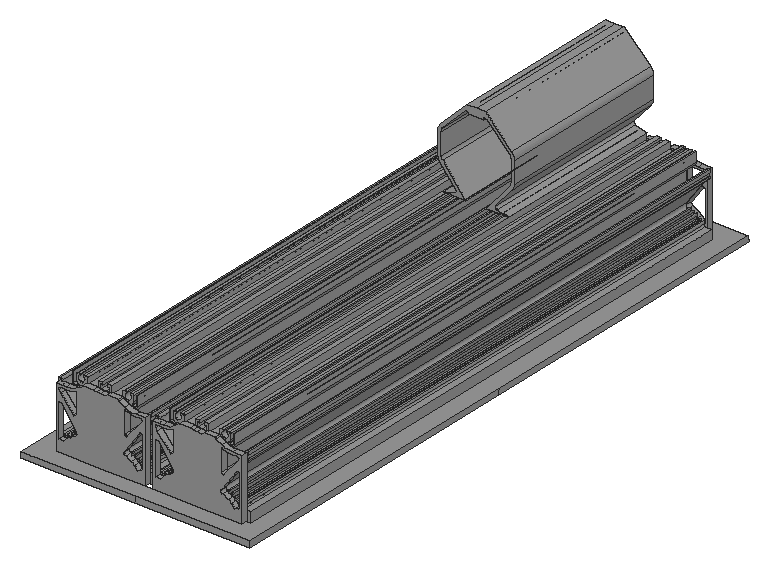
Revit family "L-street 48 Standart", category Осветительные приборы, Revit 2017
Family settings
  Размер круглого соединителя = Использовать диаметр
  Тип детали = Нормальный
  На основе рабочей плоскости = Нет
  Всегда вертикально = Да
  При загрузке вырезать с полостями = Нет
  Источник света = Да
  Общий = Нет
  Точка расчета площади = Нет
Parameters
  Комментарии к типоразмеру = "Уличные"
  Emit from Rectangle Width = 150 mm  # constant formula
  Emit from Rectangle Length = 500 mm  # constant formula
  Изготовитель = "LEDEL"
  Emit Shape Visible in Rendering = no
  built-in parameter 1150104 = 13.8 (stored number, unit not read)
  built-in parameter 1150134 = 12
  Файл фотометрической сетки = "L-street 48-65-LLI3-4.0K-01 Standart.ies"
  Tilt Angle = 90.00°
  built-in parameter 1150137 = (empty or 0)
  built-in parameter 1150132 = 2
  built-in parameter 1150114 = 1 (stored number, unit not read)
  Dimming Lamp Color Temperature Shift = (empty or 0)
  built-in parameter 1150105 = 677.36 (stored number, unit not read)
  Color Filter = 16777215
  Lumens = 8512 lm
  built-in parameter 1150109 = 1 (stored number, unit not read)
  built-in parameter 1150112 = 1 (stored number, unit not read)
  built-in parameter 1150110 = 1 (stored number, unit not read)
  built-in parameter 1150113 = 1 (stored number, unit not read)
  built-in parameter 1150115 = 1 (stored number, unit not read)
  built-in parameter 1114218 = 1 (stored number, unit not read)
  built-in parameter 1114217 = 1 (stored number, unit not read)
  Apparent Load = 65 VA  # constant formula
  built-in parameter 1150106 = 6.7736 (stored number, unit not read)
  built-in parameter 1150142 = "IESNA:LM-63-1995\r\n[TEST]LEDEL\r\n[DATA]28.11.2018\r\n[MANUFAC]LEDEL\r\n[LUMCAT]L-street 48/65/Ш3/4.0К/01 Standart\r\n[LUMINAIRE]Для освещения городских улиц, придомовых территорий, парков и пр\r\n[LAMPCAT]LED\r\n[LAMP]OSRAM OSLON SQUARE\r\nTILT=NONE\r\n \r\n1 8512 8.599 91 37 1 2 0.533 0.164 0.148\r\n1 1 65\r\n\r\n0 1 2 3 4 5 6 7 8 9 10 11 12 13 14 15 16 17 18 19 20 21 22 23 24 25 26 27 28 29 30 31 32 33 34 35 36 37 38 39 40 41 42 43 44 45 46 47 48 49 50 51 52 53 54 55 56 57 58 59 60 61 62 63 64 65 66 67 68 69 70 71 72 73 74 75 76 77 78 79 80 81 82 83 84 85 86 87 88 89 90\r\n0 2.5 5 7.5 10 12.5 15 17.5 20 22.5 25 27.5 30 32.5 35 37.5 40 42.5 45 47.5 50 52.5 55 57.5 60 62.5 65 67.5 70 72.5 75 77.5 80 82.5 85 87.5 90 \r\n\r\n328.9 329.3 330.2 330.9 331.9 333.4 335.1 336.8 338.7 340.8 342.8 345 347.5 350.1 353 356 358.9 361.9 364.8 367.6 370.4 373.1 375.9 378.6 381.2 384 387.3 390.9 395 399.6 404.9 410.7 417.4 425.2 435.2 445.1 453.5 460.4 465.8 471.5 479.7 491.2 504.8 521 539.3 559.8 582 607.2 633.9 663 691.7 721.3 752.1 785.2 818.3 851.9 885.2 917 937 939.3 919 859.4 761.2 644.9 513.6 372.2 249 140.6 80.9 50.5 34.7 24.4 17.8 14.5 12.7 11.4 10.5 9.8 9.1 8.5 8 7.4 7 6.5 6.2 5.9 5.5 4.8 3.2 2.7 2.7\r\n328.9 329 329.5 330 330.7 331.9 333.2 334.6 336.2 338 339.8 341.8 344 346.5 349.2 352.1 354.9 357.8 360.7 363.6 366.4 369.2 372 374.9 377.8 380.7 383.9 387.3 391.1 395.4 400.3 405.6 411.7 418.6 427.2 436.3 444.8 452.4 459 464.7 471.7 481.1 492.7 506.6 522.4 540.2 559.7 581.7 605.8 631.5 658.1 685.9 714.5 745.8 778.3 812.3 846.4 879.2 904.3 916.2 905.6 859.1 774.4 661.5 532.7 402.1 293.1 196.3 120.8 68.8 45.8 31.7 22.8 18 15.4 13.6 12.3 11.3 10.5 9.8 9.1 8.5 7.9 7.3 6.9 6.5 6.1 5.5 4.3 3.3 2.9\r\n328.9 328.8 328.9 329 329.6 330.3 331.2 332.3 333.7 335.2 336.8 338.6 340.6 342.8 345.5 348.2 350.9 353.7 356.6 359.6 362.4 365.3 368.2 371.2 374.4 377.4 380.5 383.6 387.3 391.2 395.6 400.5 406 411.9 419.2 427.5 436 444.3 452.2 457.9 463.7 471 480.7 492.2 505.6 520.6 537.4 556.3 577.6 600 624.5 650.4 677 706.4 738.3 772.8 807.5 841.5 871.5 893.1 892.3 858.7 787.6 678.2 551.8 432 337.2 251.9 160.7 87.2 56.8 39 27.9 21.5 18 15.7 14.1 12.8 12 11.2 10.3 9.6 8.9 8.2 7.6 7.1 6.7 6.3 5.5 4 3.1\r\n328.9 329.4 330.2 331 332 333.4 335 336.7 338.6 340.6 342.6 344.7 347.1 349.6 352.4 355.2 358.1 360.9 363.6 366.2 368.8 371.4 374 376.6 379.2 382 385.3 388.8 392.6 397 402.2 407.8 414.4 421.9 431.2 440.5 448.4 454.9 460.4 466.2 474 484.8 497.7 513 530.2 549.4 569.9 593 617.3 643.5 669.5 695.9 722.8 751.4 780 808.5 835.6 860.9 877.7 881 869.3 832.1 763.8 664.3 532.5 377.6 247 136.9 77.5 48.8 34.8 24 17.1 14.1 12.4 11.1 10.2 9.6 8.9 8.3 7.8 7.2 6.8 6.3 6 5.7 5.4 4.7 3.1 2.7 2.7\r\n328.9 329.4 330.1 331 332.1 333.4 334.9 336.6 338.5 340.4 342.3 344.5 346.7 349.1 351.8 354.5 357.3 359.9 362.4 364.8 367.2 369.6 372.2 374.6 377.3 380.1 383.3 386.6 390.2 394.4 399.4 405 411.4 418.6 427.2 435.9 443.2 449.5 455 460.8 468.3 478.4 490.6 505 521.2 539.1 557.7 578.9 600.7 624.1 647.2 670.6 693.5 717.6 741.7 765.1 785.9 804.8 818.4 822.6 819.6 804.9 766.4 683.8 551.4 383.1 244.9 133.2 74 47.1 34.9 23.6 16.4 13.6 12.1 10.9 10 9.4 8.7 8.1 7.6 7 6.6 6.2 5.8 5.4 5.3 4.5 3 2.6 2.7\r\n328.9 329.4 330.2 331 332 333.3 334.7 336.2 338 339.7 341.5 343.5 345.5 347.8 350.3 353 355.7 358.2 360.7 363 365.4 367.8 370.3 372.8 375.5 378.3 381.5 384.8 388.6 392.8 397.6 403 409.3 416.1 424.2 432.5 439.5 445.4 450.6 455.9 462.5 471.1 481.3 493.2 506.3 520.8 536.2 553.5 571.6 591.3 611.2 631.8 652.8 675.7 698.9 722.2 742.8 761.3 775.1 781.3 780.2 768.4 735.8 659.6 539 387.4 258.5 153.6 86.2 51.2 36.2 25 17.1 13.6 12 10.8 9.8 9.2 8.5 8 7.4 6.9 6.5 6 5.7 5.4 5.1 4.5 3.1 2.7 2.7\r\n328.9 329.4 330.2 330.9 332 333.2 334.5 335.8 337.4 339.1 340.8 342.5 344.4 346.5 348.9 351.5 354.1 356.6 358.9 361.3 363.6 365.9 368.4 371 373.6 376.5 379.6 383.1 387 391.1 395.7 401 407.1 413.6 421.1 429 435.8 441.3 446.2 451 456.7 463.9 472 481.4 491.5 502.6 514.6 528.2 542.5 558.5 575.2 593 612 633.7 656.1 679.2 699.7 717.9 731.8 740 740.8 732 705.1 635.4 526.7 391.7 272.1 174 98.4 55.3 37.6 26.3 17.8 13.6 11.9 10.7 9.7 9 8.3 7.8 7.3 6.8 6.3 5.9 5.6 5.3 4.9 4.5 3.3 2.7 2.7\r\n328.9 329.5 330.3 331 332 333.1 334.2 335.5 337 338.5 340.1 341.6 343.4 345.3 347.5 350 352.5 354.9 357.3 359.6 361.8 364 366.3 368.6 371.2 373.8 376.8 380.1 383.8 387.6 392 396.7 402.2 408 414.6 421.4 427.4 432.1 436.2 439.9 444.1 449.8 456.5 464.2 472.4 481.7 492.1 504.3 517.4 532 547.1 562.9 578.6 594.9 610.3 625.2 636.8 644.4 646.8 642.2 628.3 601.4 558.5 487.4 398.1 300.5 218.4 153.5 97.9 57.3 37.8 25.4 16.7 12.7 11.3 10.1 9.1 8.4 7.8 7.3 6.8 6.4 5.9 5.5 5.2 4.9 4.6 4.3 3.2 2.7 2.7\r\n328.9 329.6 330.4 331 332 333 334 335.2 336.5 338 339.5 340.8 342.3 344.1 346.2 348.5 350.9 353.2 355.7 357.9 360.1 362.1 364.1 366.3 368.7 371.1 374 377.1 380.5 384.1 388.2 392.4 397.3 402.4 408 413.7 419 423 426.2 428.7 431.6 435.7 440.9 447 453.3 460.7 469.6 480.4 492.2 505.5 519.1 532.8 545.2 556 564.6 571.2 573.9 570.8 561.8 544.4 515.9 470.9 411.9 339.3 269.5 209.3 164.6 132.9 97.4 59.2 38 24.5 15.6 11.9 10.6 9.5 8.6 7.9 7.3 6.7 6.4 5.9 5.5 5.1 4.9 4.6 4.3 4 3 2.6 2.6\r\n328.9 329.6 330.3 330.9 331.7 332.6 333.5 334.6 335.8 337.1 338.4 339.6 341 342.5 344.5 346.6 348.8 351.1 353.5 355.6 357.6 359.4 361.2 363.2 365.5 367.9 370.6 373.6 377 380.4 384 387.7 391.8 395.9 400.4 404.8 409 412.2 414.8 416.7 419.1 422.5 426.9 432.4 438.2 444.8 451.8 459.6 467.6 476.2 484.4 492.1 497.8 501.1 501.5 498.2 489.1 471.8 446.9 414.5 377.6 335.3 291 243.7 199.4 161.3 132.5 111.4 88.8 60 38.2 24.5 15.5 11.5 10.1 9.1 8.1 7.4 6.8 6.3 5.9 5.6 5.2 4.8 4.5 4.3 4.1 3.8 3 2.6 2.6\r\n328.9 329.6 330.2 330.8 331.5 332.2 333 334 335.1 336.2 337.4 338.4 339.6 341 342.7 344.6 346.8 349 351.2 353.2 355.2 356.8 358.4 360.1 362.3 364.7 367.2 370.2 373.4 376.6 379.9 382.9 386.3 389.4 392.8 395.9 399 401.5 403.4 404.8 406.6 409.3 413 417.7 423.2 428.9 434.1 438.8 443 446.9 449.6 451.3 450.4 446.3 438.5 425.2 404.4 372.8 332.1 284.5 239.3 199.8 170 148 129.3 113.3 100.4 90 80.2 60.7 38.4 24.6 15.5 11.1 9.6 8.7 7.7 6.9 6.3 5.9 5.5 5.2 4.9 4.5 4.2 4 3.8 3.6 2.9 2.7 2.6\r\n328.9 329.6 330.1 330.7 331.3 331.9 332.7 333.7 334.6 335.6 336.6 337.5 338.6 339.9 341.4 343.2 345.2 347.2 349.1 350.9 352.7 354.2 355.8 357.6 359.7 362.1 364.5 367.1 369.7 372.2 374.7 377.2 379.9 382.5 385.1 387.6 390 392.2 394 395.5 397.2 398.9 400.9 403.2 405.8 408.1 409.5 410 409.2 407 401.9 393.5 379.6 360.7 338.2 313.8 287.4 259.5 230.5 200.1 171.3 146.3 126.5 111.3 98.3 88 80.3 73.6 62.6 45.5 29.8 19.7 12.9 9.9 8.7 7.8 6.9 6.3 5.7 5.3 5 4.7 4.4 4.1 3.8 3.6 3.4 3.1 2.7 2.6 2.5\r\n328.9 329.6 330 330.5 331 331.7 332.4 333.3 334.1 335 335.7 336.6 337.5 338.9 340.2 341.7 343.6 345.5 347 348.7 350.2 351.6 353.2 355.1 357.2 359.5 361.8 364 366 367.9 369.5 371.4 373.5 375.5 377.4 379.4 381.1 382.8 384.6 386.2 387.8 388.6 388.8 388.6 388.5 387.4 384.9 381.1 375.4 367.2 354.2 335.6 308.8 275.2 237.8 202.4 170.4 146.1 128.9 115.6 103.3 92.8 83 74.7 67.3 62.7 60.1 57.1 45.1 30.4 21.1 14.9 10.4 8.8 7.8 6.9 6.2 5.6 5.1 4.8 4.5 4.1 3.9 3.7 3.5 3.3 3.1 2.7 2.5 2.5 2.5\r\n328.9 329.5 329.8 330.3 330.6 331.2 331.7 332.4 333 333.7 334.2 334.8 335.4 336.4 337.3 338.6 340.1 341.7 343.1 344.6 346.1 347.4 348.8 350.3 352 353.8 355.5 357.1 358.6 360 361.2 362.3 363.6 365 366.4 368.1 369.5 370.4 370.9 370.8 370.5 369.4 367.5 364.9 361.4 356.8 349.7 339.5 325 306.7 283.4 257 228.1 199.7 172.9 149.4 128.6 112.2 99.6 89.2 79.7 71.9 64.6 58.5 52.9 49.3 46.4 42.2 33.6 24.5 18.4 13.7 10.1 8.5 7.6 6.7 6 5.3 4.8 4.5 4.3 3.9 3.7 3.5 3.3 3.1 3 2.6 2.4 2.4 2.4\r\n328.9 329.4 329.7 330 330.2 330.6 331 331.5 332 332.4 332.7 332.9 333.3 333.9 334.5 335.5 336.6 337.9 339.3 340.6 341.9 343.2 344.4 345.6 346.8 348.1 349.2 350.3 351.3 352.1 352.9 353.2 353.7 354.4 355.4 356.8 357.8 358 357.2 355.5 353.3 350.3 346.3 341.1 334.4 326.1 314.5 297.9 274.7 246.3 212.5 178.4 147.3 124.1 108 96.4 86.8 78.2 70.2 62.8 56.2 50.9 46.3 42.4 38.6 35.9 32.7 27.2 22.1 18.6 15.6 12.5 9.8 8.3 7.4 6.5 5.8 5.1 4.6 4.2 4.1 3.8 3.5 3.4 3.2 3 2.9 2.5 2.3 2.4 2.4\r\n328.9 329.4 329.6 329.8 330 330.2 330.4 330.7 330.9 331.1 331.2 331.3 331.4 331.6 332 332.8 333.6 334.8 335.8 337 338 339 339.9 340.7 341.5 342.3 343 343.7 344.2 344.5 344.8 344.9 345.1 345.2 345.2 345.4 345.1 344 342.1 339.1 334.9 329.9 323.6 315.4 304.1 289.5 270.1 246.3 218.3 189.8 161.8 137.2 116 100.1 88.3 79.2 71.4 64.3 57.9 52.2 47.2 43.1 39.5 36.3 33 30.2 27.2 23.3 19.6 16.9 14.4 11.8 9.5 8.3 7.4 6.6 5.8 5.1 4.5 4.1 3.9 3.6 3.4 3.3 3.1 2.9 2.8 2.5 2.3 2.3 2.4\r\n328.9 329.4 329.6 329.7 329.7 329.7 329.8 329.9 329.9 329.9 329.8 329.7 329.4 329.3 329.6 330 330.6 331.6 332.4 333.3 334.1 334.8 335.4 335.7 336.1 336.4 336.8 337 337.1 336.9 336.8 336.5 336.5 336.1 335 333.9 332.3 330.1 327 322.6 316.6 309.6 301 289.7 273.8 252.8 225.7 194.7 161.9 133.3 111 96 84.7 76.1 68.6 62 56 50.4 45.5 41.6 38.2 35.3 32.8 30.2 27.3 24.4 21.7 19.4 17.2 15.2 13.1 11 9.3 8.2 7.4 6.7 5.8 5.1 4.4 3.9 3.8 3.5 3.4 3.2 3 2.9 2.8 2.5 2.2 2.3 2.4\r\n328.9 329.3 329.4 329.4 329.3 329.2 329 328.9 328.7 328.5 328.2 327.9 327.5 327.2 327.2 327.5 327.9 328.5 329.1 329.6 330 330.3 330.4 330.6 330.7 330.8 330.8 330.7 330.4 330 329.4 328.5 327.5 326 324.1 321.7 318.8 314.9 310.1 304 296 286 272.6 255.5 233.2 207 178.6 151.5 126.8 106.9 91.5 80.4 71.6 64.3 58 52.5 47.6 43.4 39.8 36.8 34.2 31.8 29.5 27.1 24.8 22.5 20.3 18.4 16.5 14.8 13.1 11.5 9.9 8.6 7.6 6.8 6 5.3 4.5 4 3.7 3.5 3.3 3.1 2.9 2.8 2.7 2.5 2.2 2.2 2.3\r\n328.9 329.3 329.2 329.1 328.8 328.6 328.2 328 327.6 327.1 326.6 326.1 325.5 325.2 324.9 325 325.1 325.4 325.7 325.8 325.9 325.7 325.4 325.4 325.3 325.2 324.8 324.4 323.8 323 322.1 320.5 318.5 316 313.1 309.5 305.4 299.8 293.2 285.4 275.5 262.4 244.2 221.4 192.6 161.2 131.4 108.3 91.8 80.6 72 64.9 58.4 52.6 47.4 43 39.3 36.3 34 32.1 30.3 28.3 26.1 24.1 22.3 20.7 18.9 17.3 15.8 14.4 13.1 11.9 10.5 8.9 7.8 7 6.2 5.5 4.7 4 3.6 3.4 3.2 3.1 2.9 2.7 2.6 2.4 2.3 2.1 2.2\r\n328.9 329.2 329.1 328.9 328.5 328.1 327.6 327.1 326.5 325.8 325 324.2 323.5 322.9 322.5 322.3 322.2 322.1 322 321.7 321.1 320.5 319.8 319.4 319 318.6 318.3 318 317.4 316.3 314.8 312.5 309.6 306 301.6 296.4 290.5 283 273.9 262.7 247.9 229.2 205.3 179.3 152 127.2 106.1 90 78 69.4 62.5 56.6 51.2 46.4 42.2 38.8 35.9 33.6 31.7 29.9 28.2 26.4 24.5 22.9 21.5 20.1 18.6 17.3 16.1 14.8 13.7 12.7 11.6 10.2 8.7 7.5 6.6 5.9 5 4.3 3.7 3.4 3.2 3 2.9 2.7 2.6 2.4 2.2 2.1 2.2\r\n328.9 329.2 329 328.7 328.2 327.6 326.9 326.2 325.4 324.4 323.3 322.2 321.4 320.7 320.1 319.6 319.2 318.9 318.4 317.5 316.4 315.2 314.1 313.3 312.6 312.1 311.8 311.6 311 309.7 307.4 304.5 300.7 295.9 290.2 283.3 275.6 266.1 254.6 240 220.4 195.9 166.4 137.2 111.4 93.3 80.7 71.7 64.3 58.2 53 48.3 43.9 40.2 37.1 34.6 32.6 31 29.4 27.8 26.1 24.4 22.9 21.8 20.7 19.5 18.4 17.3 16.4 15.3 14.4 13.5 12.7 11.5 9.6 8 7 6.2 5.3 4.5 3.8 3.4 3.1 2.9 2.9 2.7 2.6 2.4 2.2 2.1 2.1\r\n328.9 329.1 328.9 328.5 327.9 327.2 326.4 325.6 324.6 323.3 322 320.8 319.8 318.9 318.2 317.5 316.8 316.1 315.1 313.9 312.4 310.9 309.5 308.4 307.3 306.4 305.9 305.3 304.4 302.7 300.3 297.2 293.3 288 281.6 274 265.3 254.3 240.7 223.1 200.5 173.9 145 119.4 98.6 84.1 73.5 65.7 59.1 54 49.5 45.3 41.5 38.2 35.5 33.3 31.4 29.8 28.2 26.6 25.1 23.6 22.2 21.1 20.2 19.3 18.5 17.7 16.9 16 15.1 14.3 13.5 12.5 11.1 9.6 7.9 6.6 5.7 4.9 4.1 3.5 3.2 2.9 2.8 2.7 2.6 2.4 2.2 2.1 2.1\r\n328.9 329.1 328.8 328.3 327.6 326.8 325.8 324.9 323.7 322.1 320.6 319.3 318.2 317 316.2 315.3 314.4 313.3 311.9 310.3 308.3 306.6 305 303.4 302 300.8 300 299.1 297.7 295.7 293.1 289.8 285.8 280.1 273 264.6 254.9 242.5 226.9 206.2 180.6 151.8 123.5 101.5 85.7 74.9 66.3 59.6 54 49.7 45.9 42.3 39 36.3 34 31.9 30.2 28.6 27 25.5 24.1 22.7 21.5 20.5 19.7 19.1 18.6 18 17.3 16.6 15.8 15 14.3 13.4 12.5 11.1 8.7 7.1 6.1 5.3 4.4 3.5 3.2 2.9 2.8 2.7 2.6 2.4 2.2 2.1 2\r\n328.9 329 328.7 328.1 327.3 326.4 325.3 324.1 322.7 320.9 319.1 317.6 316.3 315.1 313.9 312.8 311.5 309.9 307.9 305.7 303.5 301.4 299.5 297.5 295.7 294.2 292.6 290.6 288.1 285 281.6 277.4 272.1 265.3 257.3 247.5 235.5 219.7 200.5 176.6 150.6 125.6 104.1 88.2 76.4 67.6 60.4 54.7 50.1 46.5 43.3 40.4 37.5 35.2 33 31.1 29.4 28 26.4 25 23.6 22.4 21.1 20.3 19.8 19.2 18.7 18 17.3 16.6 15.9 15.5 15 14.4 13.9 12.8 11 9.1 7.1 5.8 4.8 3.9 3.3 3 2.8 2.7 2.6 2.4 2.2 2 2\r\n328.9 328.9 328.5 327.8 327 326 324.7 323.4 321.7 319.7 317.6 315.9 314.5 313.1 311.6 310.2 308.6 306.4 303.9 301.2 298.6 296.2 294 291.5 289.5 287.6 285.2 282.1 278.4 274.4 270.2 265 258.4 250.5 241.6 230.5 216 196.9 174.1 147 120.5 99.5 84.7 74.9 67 60.3 54.4 49.8 46.1 43.3 40.8 38.5 36.1 34 32 30.2 28.6 27.3 25.9 24.5 23.1 22 20.8 20.1 19.8 19.3 18.8 18 17.2 16.6 16.1 15.9 15.7 15.4 15.2 14.6 13.2 11.1 8.1 6.3 5.2 4.2 3.4 3 2.8 2.7 2.6 2.4 2.2 1.9 2\r\n328.9 328.9 328.5 327.7 326.8 325.6 324.3 322.8 320.9 318.7 316.5 314.6 312.9 311.3 309.7 307.9 305.7 303.1 300.1 297.1 294.1 291.4 288.9 286.5 284.2 281.7 278.6 274.9 270.7 266.1 260.9 254.6 247 238.2 228 214.8 198.1 176.2 151.4 125.6 103.6 87.8 76.3 68 61 55.2 50.3 46.6 43.7 41.5 39.4 37.3 35.1 33.1 31.3 29.7 28.2 27.1 25.8 24.6 23.2 22.1 21 20.3 19.9 19.4 19 18.3 17.7 17.1 16.5 16.2 16.1 15.8 15.4 14.6 13.5 11.9 9.7 7.9 5.9 4.6 3.8 3.2 2.8 2.7 2.5 2.4 2.2 2 2\r\n328.9 328.9 328.4 327.6 326.6 325.3 323.9 322.1 320.2 317.7 315.5 313.3 311.3 309.6 307.8 305.5 302.9 299.7 296.3 292.9 289.7 286.5 283.8 281.4 278.9 275.8 272.1 267.7 263 257.7 251.6 244.2 235.6 225.9 214.3 199.1 180.2 155.6 128.7 104.2 86.8 76 67.9 61.1 55 50 46.2 43.4 41.2 39.6 38 36.2 34.2 32.2 30.6 29.2 27.9 26.8 25.7 24.6 23.4 22.3 21.2 20.5 20 19.6 19.2 18.7 18.2 17.5 16.9 16.6 16.6 16.2 15.6 14.7 13.8 12.6 11.3 9.5 6.7 5 4.1 3.3 2.9 2.6 2.5 2.3 2.1 2 2\r\n328.9 328.9 328.4 327.5 326.4 325.1 323.6 321.7 319.6 317.1 314.7 312.3 310.2 308.2 306.1 303.5 300.4 296.8 293 289.3 285.8 282.4 279.6 276.9 274.1 270.5 266.3 261.4 256.2 250.1 243.2 235.1 226 215.2 202.2 185.4 164.9 140.2 115.8 95.1 80.7 71.6 64.3 57.9 52.3 47.8 44.6 42.2 40.4 39 37.5 35.7 33.8 31.9 30.4 29.1 27.9 26.8 25.6 24.5 23.5 22.5 21.6 20.9 20.4 20 19.7 19.3 18.7 17.9 17.1 16.4 16.1 15.7 15.1 14.4 13.4 12 10.7 9.2 7.3 5.8 4.5 3.6 3 2.7 2.4 2.3 2.1 2 2\r\n328.9 328.9 328.4 327.4 326.2 324.9 323.3 321.3 319 316.4 313.9 311.3 309 306.8 304.4 301.5 297.9 293.8 289.8 285.7 281.9 278.3 275.3 272.4 269.3 265.2 260.5 255.1 249.3 242.6 234.8 226.1 216.3 204.5 190.1 171.6 149.6 124.8 102.9 85.9 74.6 67.1 60.6 54.8 49.6 45.7 42.9 41 39.6 38.4 37 35.3 33.4 31.7 30.2 29 27.9 26.8 25.5 24.4 23.6 22.6 21.9 21.3 20.7 20.4 20.3 20 19.3 18.3 17.3 16.3 15.6 15.2 14.6 14 13 11.4 10.1 9 8 6.6 5 3.8 3.1 2.7 2.4 2.3 2.1 1.9 1.9\r\n328.9 328.9 328.2 327.1 325.9 324.5 322.8 320.6 318.3 315.7 313.1 310.5 308 305.6 302.9 299.6 295.7 291.3 287 282.6 278.7 275.2 272.2 269.1 265.7 261.3 256.3 250.5 244.3 237 228.7 219.3 208.6 195.5 179.4 159.1 136 112.5 93.6 79.8 70.4 63.7 57.4 51.9 47.3 44.1 41.9 40.3 39 37.9 36.5 34.9 33.1 31.6 30.2 28.9 27.6 26.4 25.3 24.4 23.6 23 22.6 22.3 22.1 21.9 21.5 20.7 19.8 18.7 17.6 16.5 15.6 14.8 13.9 13.2 12.1 10.9 9.8 8.8 7.7 6.5 5.2 4 3.1 2.7 2.4 2.3 2.1 1.9 1.9\r\n328.9 328.8 328 326.8 325.5 324.1 322.3 320 317.6 314.9 312.2 309.6 307 304.3 301.4 297.6 293.5 288.8 284.2 279.5 275.5 272 269 265.9 262 257.3 252 245.8 239.2 231.4 222.7 212.6 201 186.6 168.7 146.5 122.3 100.1 84.4 73.6 66.3 60.4 54.3 48.9 44.9 42.4 40.8 39.5 38.4 37.3 35.9 34.5 32.8 31.5 30.3 28.7 27.3 26.1 25.2 24.3 23.7 23.4 23.2 23.4 23.4 23.3 22.6 21.5 20.3 19.1 17.8 16.7 15.6 14.4 13.2 12.3 11.3 10.5 9.6 8.6 7.5 6.4 5.4 4.1 3.2 2.6 2.4 2.2 2.1 1.9 1.9\r\n328.9 328.8 328 326.8 325.6 324 322.1 319.8 317.3 314.6 311.8 309.2 306.4 303.5 300.2 296.1 291.6 286.6 281.7 276.8 272.7 269.1 266.1 262.7 258.6 253.5 248 241.7 234.8 226.8 217.9 207.5 195.5 180.5 162.1 139.5 116 95.4 81.2 71.4 64.5 58.7 52.6 47.6 44.1 42 40.5 39.4 38.3 37.2 35.9 34.6 33.2 31.7 30.3 28.8 27.5 26.4 25.5 24.9 24.6 24.5 24.4 24.3 24.2 23.9 23.2 22.2 20.9 19.6 18.3 17.1 15.9 14.7 13.7 12.8 11.8 10.8 9.9 8.8 7.8 6.7 5.7 4.6 3.5 2.8 2.5 2.2 2.1 1.9 1.9\r\n328
